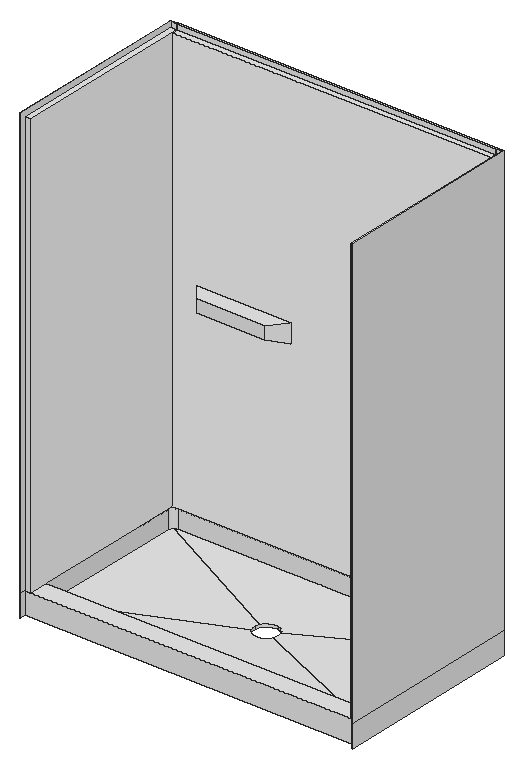
Revit family "4LSS6033.V2", category Plumbing Fixtures, Revit 2017
Family settings
  Round Connector Dimension = Use Diameter
  Part Type = Normal
  OmniClass Number = 23.45.05.14.17
  OmniClass Title = Showers
  Work Plane-Based = No
  Always vertical = Yes
  Cut with Voids When Loaded = No
  Shared = No
  Room Calculation Point = No
Parameters (values of type "4LSS6033.V2")
  Unit Width = 60"
  Unit Height = 81 1/2"
  Unit Depth = 34"
  URL = "http://www.bestbath.com/"
  Type Comments = "Remodeler"
  Model = "4LSS6033.V2"
  Material [instance] = Best Bath Gelcoat Fiberglass - RealTile
  Manufacturer = "Best Bath Systems, Inc."
  Keynote = "22 40 00.B3"
  Description = "Real Tile Finish"
  Assembly Code = "D2010710"
Reference planes (in)
  plane 1: z = 0
  plane 2 "Left": x = 0
  plane 3: z = 80.5
  plane 4: z = 81.5
  plane 5: y = 4.36165
  plane 6: y = 37.36165
  plane 7: x = 60
  plane 8: y = 36.11165
  plane 9: y = 21.36165
  plane 10: x = 30
  plane 11: z = 0.375
  plane 12: z = 0.75
  plane 13: z = 38.25
  plane 14: z = 4
  plane 15: y = 3.36165
  plane 16: z = 41.875
Forms (in)
  Extrusion 1, solid, material "Best Bath Gelcoat Fiberglass - Smooth"
    sketch origin (0, 0, 0) x (1, 0, 0) y (0, 1, 0)
      loop
        line (0, 4.36165) -> (60, 4.36165) -> (60, 37.36165) -> (0, 37.36165) -> (0, 4.36165)
      loop
        circle (30, 21.36165) r 2.125
    from 0 to 0.75
  Extrusion 2, solid, material "Best Bath Gelcoat Fiberglass - Smooth"
    sketch origin (0, 0, 0) x (1, 0, 0) y (0, 1, 0)
      loop
        line (1.25, 37.36165) -> (1.25, 36.11165) -> (58.75, 36.11165) -> (58.75, 37.36165) -> (1.25, 37.36165)
    from 4 to 38.25
  Blend 3, void
    base sketch origin (0, 0, 0) x (1, 0, 0) y (0, 1, 0)
      loop
        line (1.25, 8.38049) -> (58.75, 8.38049) -> (58.75, 36.11165) -> (1.25, 36.11165) -> (1.25, 8.38049)
    top sketch origin (0, 0, 0) x (1, 0, 0) y (0, 1, 0)
      loop
        circle (30, 21.36165) r 0.07952
    from 0.75 to 0.375
  Extrusion 4, solid, material "Best Bath Gelcoat Fiberglass - Smooth"
    sketch origin (0, 0, 0) x (1, 0, 0) y (0, 1, 0)
      loop
        line (1.25, 37.36165) -> (1.25, 36.11165) -> (58.75, 36.11165) -> (58.75, 37.36165) -> (1.25, 37.36165)
    from 38.25 to 80.5
  Extrusion 5, solid, material "Best Bath Gelcoat Fiberglass - Smooth"
    sketch origin (0.25, 0, 0) x (1, 0, 0) y (0, 1, 0)
      loop
        line (-0.25, 4.36165) -> (1, 4.36165) -> (1, 37.36165) -> (-0.25, 37.36165) -> (-0.25, 4.36165)
      loop
        line (59.75, 4.36165) -> (59.75, 37.36165) -> (58.5, 37.36165) -> (58.5, 4.36165) -> (59.75, 4.36165)
    from 4 to 80.5
  Extrusion 6, solid, material "Best Bath Gelcoat Fiberglass - Smooth"
    sketch origin (0, 0, 0) x (1, 0, 0) y (0, 1, 0)
      loop
        line (0, 37.36165) -> (0, 4.36165) -> (1.25, 4.36165) -> (1.25, 35.11165)
        arc (1.25, 35.11165) -> (1.54289, 35.81875) -> (2.25, 36.11165) r 1
        line (2.25, 36.11165) -> (57.75, 36.11165)
        arc (57.75, 36.11165) -> (58.45711, 35.81875) -> (58.75, 35.11165) r 1
        line (58.75, 35.11165) -> (58.75, 4.36165) -> (60, 4.36165) -> (60, 36.11165) -> (60, 37.36165) -> (0, 37.36165)
    from 0 to 4
  Sweep 7, solid, material "Best Bath Gelcoat Fiberglass - Smooth"
    path origin (0, 0, 0) x (1, 0, 0) y (0, 1, 0)
      loop
        line (1.25, 4.36165) -> (58.75, 4.36165)
    profile origin (30, 4.36165, 0) x (0, 1, 0) y (0, 0, 1)
      loop
        line (0, 0) -> (4.15, 0) -> (3.35, 4) -> (0, 4) -> (0, 0)
  Extrusion 8, solid, material "Best Bath Gelcoat Fiberglass - Smooth"
    sketch origin (0, 0, 0) x (1, 0, 0) y (0, 1, 0)
      loop
        line (0, 4.36165) -> (0, 3.36165) -> (0.125, 3.36165) -> (0.125, 4.36165) -> (0, 4.36165)
      loop
        line (60, 4.36165) -> (59.875, 4.36165) -> (59.875, 3.36165) -> (60, 3.36165) -> (60, 4.36165)
    from 0 to 4
  Extrusion 9, solid, material "Best Bath Gelcoat Fiberglass - Smooth"
    sketch origin (0, 0, 0) x (1, 0, 0) y (0, 1, 0)
      loop
        line (1.25, 37.36165) -> (1.25, 37.23665) -> (58.75, 37.23665) -> (58.75, 37.36165) -> (1.25, 37.36165)
    from 80.5 to 81.5
  Extrusion 10, solid, material "Best Bath Gelcoat Fiberglass - Smooth"
    sketch origin (0, 0, 0) x (1, 0, 0) y (0, 1, 0)
      loop
        line (0, 3.36165) -> (0.125, 3.36165) -> (0.125, 37.23665) -> (1.25, 37.23665) -> (1.25, 37.36165) -> (0, 37.36165) -> (0, 3.36165)
      loop
        line (60, 3.36165) -> (60, 37.36165) -> (58.75, 37.36165) -> (58.75, 37.23665) -> (59.875, 37.23665) -> (59.875, 3.36165) -> (60, 3.36165)
    from 4 to 81.5
  Blend 11, solid, material "Best Bath Gelcoat Fiberglass - Smooth"
    base sketch origin (-32.5625, -38, -0.375) x (1, 0, 0) y (0, 0, 1)
      loop
        line (56, 42.25) -> (39, 42.25) -> (39, 38.875) -> (56, 38.875) -> (56, 42.25)
    top sketch origin (-32.5625, -38, -0.375) x (1, 0, 0) y (0, 0, 1)
      loop
        line (41.375, 42.25) -> (41.375, 40) -> (53.625, 40) -> (53.625, 42.25) -> (41.375, 42.25)
    from -73.11165 to -70.11165
  Blend 12, void
    base sketch origin (-32.5625, -38.5, -0.375) x (1, 0, 0) y (0, 0, 1)
      loop
        line (39, 42.25) -> (56, 42.25) -> (56, 54.25) -> (39, 54.25) -> (39, 42.25)
    top sketch origin (-32.5625, -38.5, -0.375) x (1, 0, 0) y (0, 0, 1)
      loop
        line (40, 42.25) -> (55, 42.25) -> (55, 53.25) -> (40, 53.25) -> (40, 42.25)
    from -73.61165 to -74.61165
  Blend 13, void
    base sketch origin (92.5625, -38.5, -0.375) x (-1, 0, 0) y (0, 0, -1)
      loop
        line (39, -42.25) -> (39, -54.25) -> (56, -54.25) -> (56, -42.25) -> (39, -42.25)
    top sketch origin (92.5625, -38.5, -0.375) x (-1, 0, 0) y (0, 0, -1)
      loop
        line (40, -42.25) -> (40, -53.25) -> (55, -53.25) -> (55, -42.25) -> (40, -42.25)
    from -73.61165 to -74.61165
  Blend 14, solid, material "Best Bath Gelcoat Fiberglass - Smooth"
    base sketch origin (92.5625, -38, -0.375) x (-1, 0, 0) y (0, 0, -1)
      loop
        line (56, -42.25) -> (56, -38.875) -> (39, -38.875) -> (39, -42.25) -> (56, -42.25)
    top sketch origin (92.5625, -38, -0.375) x (-1, 0, 0) y (0, 0, -1)
      loop
        line (41.375, -42.25) -> (53.625, -42.25) -> (53.625, -40) -> (41.375, -40) -> (41.375, -42.25)
    from -73.11165 to -70.11165
Cuts and joins
  Blend 3 cuts Extrusion 1
  joined: Extrusion 1, Extrusion 6, Sweep 7, Extrusion 8
  Blend 12, Blend 13 cuts Extrusion 4
  Blend 12, Blend 13 cuts Extrusion 9
  Blend 13 cuts Blend 11
  joined: Extrusion 2, Extrusion 4, Extrusion 9, Blend 11, Blend 14
  joined: Extrusion 5, Extrusion 10
Dimensions and locks (in)
  locked: plane 4 to plane 3 at 1
  "Unit Height": plane 4 to level
  equal spacing: plane 2 "Left", plane 10, plane 7, locked at 30 each
  locked: plane 2 "Left" to plane 7 at 60
  plane 6 to plane 8 = 1 1/4"
  plane 6 to plane 9 = 16"
  locked: plane 12 to level at 0.75
  locked: plane 12 to plane 11 at 0.375
  locked: plane 13 to plane 14 at 34.25
  plane 14 to level = 4"
  locked: plane 5 to plane 15 at 1
  "Unit Depth": plane 6 to plane 15
  locked: plane 16 to plane 13 at 3.625
  aligned and locked: level to plane 1
  aligned and locked: Extrusion 1 sketch curve to plane 5
  aligned and locked: Extrusion 1 sketch curve to plane 2 "Left"
  aligned and locked: plane 6 to Extrusion 1 sketch curve
  aligned and locked: Extrusion 1 sketch curve to plane 7
  aligned and locked: plane 10 to Extrusion 1 sketch curve
  aligned and locked: plane 9 to Extrusion 1 sketch curve
  aligned and locked: plane 12 to Extrusion 1
  aligned and locked: plane 9 to Blend 3 sketch curve
  aligned and locked: plane 10 to Blend 3 sketch curve
  aligned and locked: Extrusion 1 to Blend 3
  aligned and locked: Blend 3 to plane 11
  aligned and locked: plane 13 to Extrusion 2
  aligned and locked: Extrusion 4 to Extrusion 2
  aligned and locked: plane 3 to Extrusion 4
  aligned and locked: plane 3 to Extrusion 5
  aligned and locked: plane 14 to Extrusion 6
  aligned and locked: Extrusion 5 to plane 14
  aligned and locked: plane 14 to cut or joined group of Extrusion 1, Blend 3, Extrusion 6, Sweep 7, Extrusion 8
  aligned and locked: Extrusion 2 to plane 14
  aligned and locked: Extrusion 8 to Extrusion 2
  aligned and locked: Extrusion 9 to plane 3
  aligned and locked: plane 4 to Extrusion 9
  aligned and locked: Extrusion 10 to Extrusion 2
  aligned and locked: plane 4 to Extrusion 10
  aligned and locked: plane 16 to Blend 11
  aligned and locked: cut or joined group of Extrusion 2, Extrusion 4, Extrusion 9, Blend 11, Blend 12, Blend 13, Blend 14 to plane 16
Automatic sketch dimensions
  Extrusion 2 sketch curve to plane 8 = 0"
  Extrusion 2 sketch curve to plane 6 = 0"
  plane 2 "Left" to Extrusion 2 sketch curve = 1 1/4"
  plane 7 to Extrusion 2 sketch curve = 1 1/4"
  Blend 3 sketch curve to plane 8 = 0"
  plane 2 "Left" to Blend 3 sketch curve = 1 1/4"
  plane 7 to Blend 3 sketch curve = 1 1/4"
  plane 5 to Blend 3 sketch curve = 4.01884"
  Extrusion 4 sketch curve to plane 8 = 0"
  Extrusion 4 sketch curve to plane 6 = 0"
  plane 2 "Left" to Extrusion 4 sketch curve = 1 1/4"
  plane 7 to Extrusion 4 sketch curve = 1 1/4"
  Extrusion 5 sketch curve to plane 2 "Left" = 0"
  Extrusion 5 sketch curve to plane 5 = 0"  (x2)
  Extrusion 5 sketch curve to plane 6 = 0"  (x2)
  Extrusion 5 sketch curve to plane 7 = 0"
  Extrusion 5 sketch curve to Extrusion 5 sketch curve = 1 1/4"
  Extrusion 6 sketch curve to plane 2 "Left" = 0"
  Extrusion 6 sketch curve to plane 5 = 0"  (x2)
  Extrusion 6 sketch curve to plane 8 = 0"  (x2)
  Extrusion 6 sketch curve to plane 7 = 0"
  Extrusion 6 sketch curve to plane 6 = 0"
  Extrusion 6 sketch curve to Extrusion 6 sketch curve = 1 1/4"
  Extrusion 6 sketch curve to Extrusion 6 sketch curve = 1"
  Extrusion 6 sketch curve to plane 8 = 1"
  plane 7 to Extrusion 6 sketch curve = 2 1/4"
  Sweep 7 sketch curve to plane 5 = 0"
  plane 2 "Left" to Sweep 7 sketch curve = 1 1/4"
  plane 7 to Sweep 7 sketch curve = 1 1/4"
  Sweep 7 sketch curve to profile plane = 0"
  Sweep 7 sketch curve to level = 0"
  Sweep 7 sketch curve to profile plane = 3.35"
  Sweep 7 sketch curve to profile plane = 4.15"
  level to Sweep 7 sketch curve = 4"
  Extrusion 8 sketch curve to plane 2 "Left" = 0"
  Extrusion 8 sketch curve to plane 15 = 0"  (x2)
  Extrusion 8 sketch curve to plane 5 = 0"  (x2)
  Extrusion 8 sketch curve to plane 7 = 0"
  plane 2 "Left" to Extrusion 8 sketch curve = 1/8"
  Extrusion 8 sketch curve to Extrusion 8 sketch curve = 1/8"
  Extrusion 9 sketch curve to plane 6 = 0"
  Extrusion 9 sketch curve to plane 6 = 1/8"
  plane 2 "Left" to Extrusion 9 sketch curve = 1 1/4"
  plane 7 to Extrusion 9 sketch curve = 1 1/4"
  Blend 11 sketch curve to plane 16 = 0"  (x2)
  plane 2 "Left" to Blend 11 sketch curve = 6 7/16"
  plane 13 to Blend 11 sketch curve = 1/4"
  Blend 11 sketch curve to plane 10 = 6 9/16"
  plane 13 to Blend 11 sketch curve = 1 3/8"
  plane 2 "Left" to Blend 11 sketch curve = 8 13/16"
  Blend 11 sketch curve to plane 10 = 8 15/16"
  Blend 12 sketch curve to plane 16 = 0"  (x2)
  plane 2 "Left" to Blend 12 sketch curve = 6 7/16"
  Blend 12 sketch curve to plane 10 = 6 9/16"
  Blend 12 sketch curve to Blend 12 sketch curve = 12"
  plane 2 "Left" to Blend 12 sketch curve = 7 7/16"
  Blend 12 sketch curve to plane 10 = 7 9/16"
  Blend 12 sketch curve to Blend 12 sketch curve = 11"
  Blend 13 sketch curve to plane 16 = 0"  (x2)
  plane 7 to Blend 13 sketch curve = 6 7/16"
  plane 10 to Blend 13 sketch curve = 6 9/16"
  Blend 13 sketch curve to Blend 13 sketch curve = 12"
  plane 7 to Blend 13 sketch curve = 7 7/16"
  plane 10 to Blend 13 sketch curve = 7 9/16"
  Blend 13 sketch curve to Blend 13 sketch curve = 11"
  Blend 14 sketch curve to plane 16 = 0"  (x2)
  plane 7 to Blend 14 sketch curve = 6 7/16"
  plane 13 to Blend 14 sketch curve = 1/4"
  plane 10 to Blend 14 sketch curve = 6 9/16"
  plane 13 to Blend 14 sketch curve = 1 3/8"
  plane 7 to Blend 14 sketch curve = 8 13/16"
  plane 10 to Blend 14 sketch curve = 8 15/16"
  plane 7 to Extrusion 5 sketch curve = 1 1/4"
  Extrusion 10 sketch curve to plane 2 "Left" = 0"
  Extrusion 10 sketch curve to plane 15 = 0"  (x2)
  Extrusion 10 sketch curve to plane 6 = 0"  (x2)
  Extrusion 10 sketch curve to plane 7 = 0"
  plane 2 "Left" to Extrusion 10 sketch curve = 1/8"
  Extrusion 10 sketch curve to plane 6 = 1/8"  (x2)
  Extrusion 10 sketch curve to Extrusion 10 sketch curve = 1 1/8"
  plane 7 to Extrusion 10 sketch curve = 1 1/4"
  plane 7 to Extrusion 10 sketch curve = 1/8"
  radius of Extrusion 1 sketch curve = 2 1/8"
  radius of Blend 3 sketch curve = 0.07952"
